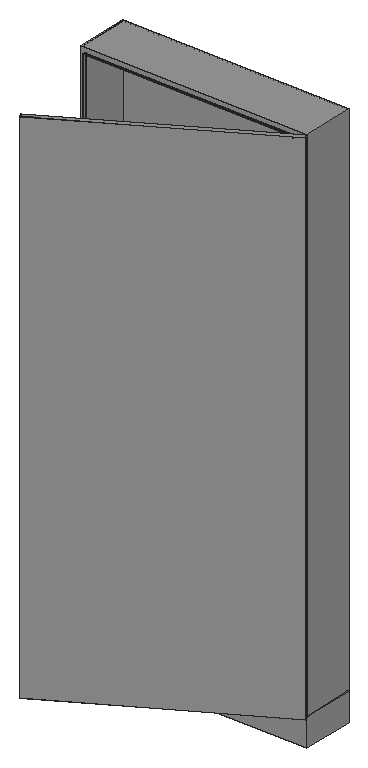
Revit family "Hager-Univers-IP44-D205-H1950-Cl.I-Encl-NoHosted-SE-en", category Equipement électrique, Revit 2020
Family settings
  Configuration du panneau = Deux colonnes, circuits au sein
  Cote de connecteur circulaire = Utiliser le diamètre
  Type d'élément = Tableau de raccordement
  Basée sur le plan de construction = Oui
  Toujours verticalement = Oui
  Couper avec des vides une fois chargée = Non
  Partagée = Non
  Point de calcul de pièce = Non
Parameters (values of type "Floor installation IP44 W800 H1950 D205  - FP23TN2")
  Width Control [instance] = if([EF000008 - Width] > Min Width, [EF000008 - Width], Min Width)  # 800 mm
  Commentaires du type = [HG000003 - Range]  # "Univers"
  Thickness Door [instance] = if([EF009171 - Material plate thickness door/cover] > 3 mm, 3 mm, [EF009171 - Material plate thickness door/cover])  # 1 mm
  Seal Frame Offset [instance] = 17 mm  # constant formula
  Plinth Visibility [instance] = [HG000027 - Plinth height] > 0 mm  # yes
  Min Width [instance] = 100 mm  # constant formula
  Min Depth [instance] = (2 * [EF009170 - Material plate thickness cabinet]) + 1 mm  # 3 mm
  Min Height [instance] = 100 mm  # constant formula
  Internal Frame Depth [instance] = (Door System Depth * 0.5)  # 9 mm
  Panel Name [instance] = ""  # (empty or 0)
  Model = ""
  HG000027 - Plinth height = 100 mm
  HG000026 - Floor standing = yes
  HG000024 - Bottom section height = 600 mm
  HG000023 - Double section enclosure = no
  HG000016 - Door 3d visibility [instance] = yes
  HG000015 - Clearance visibility [instance] = no
  HG000014 - Door on the right [instance] = yes
  HG000013 - Door on the left [instance] = not([HG000014 - Door on the right])  # no
  HG000012 - Door swing angle [instance] = 30.00°
  HG000010 - Asymmetric doors = no
  HG000009 - Double swing door = no
  HG000006 - Flush mounted = no
  HG000004 - Manufacturer reference = "FP23TN2"
  HG000003 - Range = "Univers"
  HG000002 - With door or cover = yes
  Frame Offset Bottom [instance] = 10 mm  # constant formula
  Frame Offset [instance] = 15 mm  # constant formula
  EF015940 - Cover with overpressure release = no
  EF011959 - Degree of protection (NEMA) = ""
  EF009554 - Number of openings for flange plates = 6
  EF009212 - Cover model = "EV000116 - Closed"
  EF009171 - Material plate thickness door/cover = 1 mm
  EF009170 - Material plate thickness cabinet = 1 mm
  EF008873 - Nominal current (In) = 400 A
  EF007800 - Suitable for lightning protection = no
  EF006306 - With lock = no
  EF006244 - Transparent cover/door = no
  EF005474 - Degree of protection (IP) = "EV006418 - IP44"
  EF004464 - Type of door = "EV002646 - Single"
  EF004427 - Number of modules = 432
  EF004293 - Impact strength = "EV006815 - IK09"
  EF003532 - Suitable for outdoor use = no
  EF002950 - Width in number of modular spacings = 36
  EF001613 - Circuit integrity = "EV000494 - None"
  EF001596 - Material housing = "EV000179 - Steel"
  EF001131 - Internal depth = 205 mm
  EF001088 - Extension possible = yes
  EF000437 - Number of conduit inlets = 6
  EF000339 - Type of cover = "EV001012 - Cover"
  EF000266 - Number of rows = 12
  EF000218 - Built-in depth = 0 mm
  EF000118 - With mounting plate = no
  EF000116 - RAL-number = "9010"
  EF000049 - Depth = 205 mm
  EF000040 - Height = 1950 mm
  EF000008 - Width = 800 mm
  EF000007 - Colour = "EV000202 - White"
  EF000003 - Mounting method = "EV012274 - Floor installation"
  Door System Leaf Tolerance [instance] = 1.5 mm  # constant formula
  Door System Depth [instance] = 18 mm  # constant formula
  Door Height [instance] = Height Control - [HG000027 - Plinth height]  # 1850 mm
  Description = ""
  Default Elevation = 1219.2 mm
  Connector Offset [instance] = Height Control / 2  # 975 mm
  Fabricant = "Hager"  # constant formula
  Height Control [instance] = if([EF000040 - Height] > Min Height, [EF000040 - Height], Min Height)  # 1950 mm
  Depth Control [instance] = if([EF000049 - Depth] > Min Depth, [EF000049 - Depth], Min Depth)  # 205 mm
  Bottom Top Plate Trim [instance] = 1.5 mm  # constant formula
  Plinth height Ctrl [instance] = if([HG000027 - Plinth height] > 0 mm, [HG000027 - Plinth height], 12 mm)  # 100 mm
Types (4, lengths in mm): name | Width Control | HG000009 - Double swing door | HG000004 - Manufacturer reference | EF009554 - Number of openings for flange plates | EF008873 - Nominal current (In) | EF004464 - Type of door | EF004427 - Number of modules | EF002950 - Width in number of modular spacings | EF000437 - Number of conduit inlets | EF000008 - Width
  Floor installation IP44 W1050 H1950 D205  - FP24TN2 | 1050 | yes | "FP24TN2" | 8 | 400 A | "EV003602 - Double" | 576 | 48 | 8 | 1050
  Floor installation IP44 W300 H1950 D205  - FP21TN2 | 300 | no | "FP21TN2" | 2 | 250 A | "EV002646 - Single" | 144 | 12 | 2 | 300
  Floor installation IP44 W550 H1950 D205  - FP22TN2 | 550 | no | "FP22TN2" | 4 | 400 A | "EV002646 - Single" | 288 | 24 | 4 | 550
  Floor installation IP44 W800 H1950 D205  - FP23TN2 | 800 | no | "FP23TN2" | 6 | 400 A | "EV002646 - Single" | 432 | 36 | 6 | 800
Reference planes
  plane 1 "Center (Front/Back)": y = 0
  plane 2: z = 0
  plane 3 "Center (Left/Right)": x = 0
  plane 4: y = 0
  plane 5: y = 0
  plane 6: z = 0
  plane 7: x = -400
  plane 8: x = 400
  plane 9: x = 399
  plane 10: x = -399
  plane 11: z = 100
  plane 12: z = 101
  plane 13: y = -205
  plane 14: y = -1
  plane 15: x = 0
  plane 16: y = -187
  plane 17: y = -204
  plane 18: y = -186
  plane 19: x = -384
  plane 20: x = 384
  plane 21: z = 111
  plane 22: x = -383
  plane 23: x = 383
  plane 24: z = 100
  plane 25: z = 1950
  plane 26: z = 1950
  plane 27: z = 1934
  plane 28: z = 1949
Forms (mm)
  Extrusion 1, solid, material "Hager_Steel_RAL7035_Light_Grey", detail levels medium+fine
    sketch origin (-208.679, -4572, 100) x (-1, 0, 0) y (0, -1, 0)
      loop
        line (191.321, -4385) -> (-608.679, -4385) -> (-608.679, -4572) -> (191.321, -4572) -> (191.321, -4385)
    from 0 to 1850
  Extrusion 2, void
    sketch origin (-350.771, -205, 1219.2) x (1, 0, 0) y (0, 0, 1)
      loop
        line (-48.229, 729.8) -> (-48.229, -1118.2) -> (749.771, -1118.2) -> (749.771, 729.8) -> (-48.229, 729.8)
    from -19 to -204
  Extrusion 3, void
    sketch origin (-290.084, -187, 1219.2) x (1, 0, 0) y (0, 0, 1)
      loop
        line (-93.916, -1108.2) -> (674.084, -1108.2) -> (674.084, 714.8) -> (-93.916, 714.8) -> (-93.916, -1108.2)
    from 0 to -1
  Extrusion 4, solid, material "Hager_Steel_RAL7035_Light_Grey", visible <- "Plinth Visibility", detail levels medium+fine
    sketch origin (0, 0, 0) x (1, 0, 0) y (0, 1, 0)
      loop
        line (-400, 0) -> (-400, -187) -> (400, -187) -> (400, 0) -> (-400, 0)
    from 0 to 100 <- "Plinth height Ctrl"
  Extrusion 5, solid, material "Hager_Steel_RAL7035_Light_Grey", detail levels coarse
    sketch origin (0, 0, 0) x (1, 0, 0) y (0, 1, 0)
      loop
        line (-400, 0) -> (-400, -205) -> (400, -205) -> (400, 0) -> (-400, 0)
    from 0 to 1950 <- "Height Control"
  Sweep 6, void
    path in 3D
      loop
        line (-400, -187, 100) -> (400, -187, 100) -> (400, 0, 100) -> (-400, 0, 100) -> (-400, -187, 100)
    profile origin (-400, -93.5, 100) x (1, 0, 0) y (0, 0, 1)
      loop
        line (0, 0) -> (0, -1.5) -> (1.5, -1.5)
        arc (1.5, -1.5) -> (1.061, -0.439) -> (0, 0) r 1.5
  Extrusion 7, solid, material "Hager_Steel_RAL7035_Light_Grey", detail levels fine
    sketch origin (-400, -187, 100) x (1, 0, 0) y (0, 0, 1)
      loop
        line (16, 11) -> (784, 11) -> (784, 1834) -> (16, 1834) -> (16, 11)
      loop
        line (15, 10) -> (785, 10) -> (785, 1835) -> (15, 1835) -> (15, 10)
    from 0 to 9 <- "Internal Frame Depth"
Cuts and joins
  Extrusion 2, Extrusion 3 cuts Extrusion 1
  Sweep 6 cuts Extrusion 4
Lines and regions (mm)
  Masking region 1
    outline origin (0, 0, 0) x (1, 0, 0) y (0, 1, 0)
      loop
        line (-400, 0) -> (-400, -205) -> (400, -205) -> (400, 0) -> (-400, 0)
  Masking region 2, detail levels coarse
    outline origin (-290.084, -187, 1219.2) x (-1, 0, 0) y (0, 0, 1)
      loop
        line (-690.084, -1219.2) -> (109.916, -1219.2) -> (109.916, 730.8) -> (-690.084, 730.8) -> (-690.084, -1219.2)
  Masking region 3, detail levels coarse
    outline origin (0, 0, 0) x (0, 1, 0) y (0, 0, 1)
      loop
        line (0, 0) -> (0, 1950) -> (-205, 1950) -> (-205, 0) -> (0, 0)
  Masking region 4, visible <- "Plinth Visibility", detail levels medium+fine
    outline origin (0, 0, 0) x (0, 1, 0) y (0, 0, 1)
      loop
        line (-1.5, 100) -> (-185.5, 100)
        arc (-185.5, 100) -> (-185.939, 98.939) -> (-187, 98.5) r 1.5
        line (-187, 98.5) -> (-187, 0) -> (0, 0) -> (0, 98.5)
        arc (0, 98.5) -> (-1.061, 98.939) -> (-1.5, 100) r 1.5
  Masking region 5, detail levels medium+fine
    outline origin (0, 0, 594.038) x (0, 1, 0) y (0, 0, 1)
      loop
        line (0, -494.038) -> (0, 1355.962) -> (-187, 1355.962) -> (-187, -494.038) -> (0, -494.038)
  Masking region 6, detail levels medium+fine
    outline origin (-359.7, -187, 1211.883) x (-1, 0, 0) y (0, 0, 1)
      loop
        line (-759.7, -1111.883) -> (40.3, -1111.883) -> (40.3, 738.117) -> (-759.7, 738.117) -> (-759.7, -1111.883)
  Masking region 7, visible <- "Plinth Visibility", detail levels medium+fine
    outline origin (-320.334, -187, 1041.368) x (-1, 0, 0) y (0, 0, 1)
      loop
        line (-720.334, -1041.368) -> (79.666, -1041.368) -> (79.666, -942.868)
        arc (79.666, -942.868) -> (78.606, -942.429) -> (78.166, -941.368) r 1.5
        line (78.166, -941.368) -> (-718.834, -941.368)
        arc (-718.834, -941.368) -> (-719.273, -942.429) -> (-720.334, -942.868) r 1.5
        line (-720.334, -942.868) -> (-720.334, -1041.368)
  sketch lines
    curve 1: line (-400, 0, 100) -> (-400, -187, 100)
    curve 2: line (-400, -187, 100) -> (400, -187, 100)
    curve 3: line (400, 0, 100) -> (-400, 0, 100)
    curve 4: line (400, -187, 100) -> (400, 0, 100)
Dimensions and locks
  locked: plane 1 "Center (Front/Back)" to plane 5
  "EF009170 - Material plate thickness cabinet": plane 7 to plane 10
  "EF009170 - Material plate thickness cabinet": plane 8 to plane 9
  equal spacing: plane 7, plane 3 "Center (Left/Right)", plane 8
  "Width Control": plane 7 to plane 8
  "Depth Control": plane 4 to plane 13
  "EF009170 - Material plate thickness cabinet": plane 4 to plane 14
  "Height Control": plane 25 to level
  "HG000027 - Plinth height": plane 11 to level
  "EF009170 - Material plate thickness cabinet": plane 12 to plane 11
  "EF009170 - Material plate thickness cabinet": plane 17 to plane 13
  "EF009170 - Material plate thickness cabinet": plane 18 to plane 16
  "Frame Offset Bottom": plane 21 to plane 12
  "Frame Offset": plane 10 to plane 19
  "Frame Offset": plane 9 to plane 20
  "Door System Depth": plane 16 to plane 13
  "Seal Frame Offset": plane 7 to plane 22
  "Seal Frame Offset": plane 8 to plane 23
  "EF009170 - Material plate thickness cabinet": plane 26 to plane 28
  "Frame Offset": plane 28 to plane 27
  "Connector Offset": plane 2 to connector elem
  "Bottom Top Plate Trim": profile plane to Sweep 6 sketch curve
  "Bottom Top Plate Trim": Sweep 6 sketch curve to Sweep 6 sketch curve
  "Plinth height Ctrl": Masking region 4 sketch curve to level
  "Plinth height Ctrl": Masking region 7 sketch curve to level
  "Thickness Door": Extrusion 7 sketch curve to Extrusion 7 sketch curve  (x4)
  "Bottom Top Plate Trim": radius of Sweep 6 sketch curve
  "Bottom Top Plate Trim": radius of Masking region 4 sketch curve  (x2)
  "Bottom Top Plate Trim": radius of Masking region 7 sketch curve  (x2)
  aligned and locked: Extrusion 2 sketch curve to plane 12
  aligned and locked: Extrusion 2 sketch curve to plane 9
  aligned and locked: Extrusion 2 sketch curve to plane 10
  aligned and locked: Extrusion 2 to plane 14
  aligned and locked: Extrusion 1 sketch curve to plane 4
  aligned and locked: plane 8 to Extrusion 1 sketch curve
  aligned and locked: plane 7 to Extrusion 1 sketch curve
  aligned and locked: Extrusion 2 to plane 18
  aligned and locked: Extrusion 3 sketch curve to plane 19
  aligned and locked: plane 20 to Extrusion 3 sketch curve
  aligned and locked: Extrusion 3 to Extrusion 2
  aligned and locked: Extrusion 3 sketch curve to plane 21
  aligned and locked: plane 3 "Center (Left/Right)" to nested 1
  aligned and locked: Extrusion 1 sketch curve to plane 16
  aligned and locked: Extrusion 4 sketch curve to cut or joined group of Extrusion 1, Extrusion 2, Extrusion 3
  aligned and locked: Masking region 1 sketch curve to plane 7
  aligned and locked: Masking region 1 sketch curve to plane 5
  aligned and locked: Masking region 1 sketch curve to plane 8
  aligned and locked: Masking region 2 sketch curve to level
  aligned and locked: level to Masking region 3 sketch curve
  aligned and locked: plane 1 "Center (Front/Back)" to Masking region 3 sketch curve
  aligned and locked: plane 13 to Masking region 3 sketch curve
  aligned and locked: plane 5 to Masking region 4 sketch curve
  aligned and locked: Masking region 2 sketch curve to plane 8
  aligned and locked: Masking region 2 sketch curve to plane 7
  aligned and locked: plane 7 to nested 2
  aligned and locked: nested 2 to plane 5
  aligned and locked: plane 5 to Masking region 5 sketch curve
  aligned and locked: plane 26 to Masking region 5 sketch curve
  aligned and locked: Extrusion 5 sketch curve to plane 8
  aligned and locked: Extrusion 5 sketch curve to plane 7
  aligned and locked: Extrusion 5 sketch curve to plane 5
  aligned and locked: Extrusion 3 sketch curve to plane 27
  aligned and locked: Extrusion 2 sketch curve to plane 28
  aligned and locked: Masking region 2 to plane 25
  aligned and locked: Extrusion 4 to plane 16
  aligned and locked: profile plane to Sweep 6 sketch curve
  aligned and locked: Masking region 5 sketch curve to plane 24
  aligned and locked: level to Masking region 4 sketch curve
  aligned and locked: Masking region 1 to plane 13
  aligned and locked: nested 1 to plane 16
  aligned and locked: Masking region 3 to plane 25
  aligned and locked: plane 16 to Masking region 4 sketch curve
  aligned and locked: Masking region 5 sketch curve to plane 16
  aligned and locked: plane 24 to plane 11
  aligned and locked: plane 26 to plane 25
  aligned and locked: plane 26 to cut or joined group of Extrusion 1, Extrusion 2, Extrusion 3
  aligned and locked: nested 1 to plane 24
  aligned and locked: Extrusion 1 to Extrusion 3
  aligned and locked: Masking region 6 sketch curve to plane 8
  aligned and locked: Masking region 6 sketch curve to plane 24
  aligned and locked: Masking region 6 sketch curve to plane 7
  aligned and locked: Masking region 6 sketch curve to plane 26
  aligned and locked: Masking region 7 sketch curve to plane 7
  aligned and locked: level to Masking region 7 sketch curve
  aligned and locked: Masking region 7 sketch curve to plane 8
  aligned and locked: Extrusion 7 sketch curve to cut or joined group of Extrusion 1, Extrusion 2, Extrusion 3  (x4)
Automatic sketch dimensions
  plane 19 to Extrusion 3 sketch curve = 0 mm
  Extrusion 3 sketch curve to plane 20 = 0 mm
  Extrusion 3 sketch curve to plane 21 = 0 mm
  Extrusion 4 sketch curve to plane 7 = 0 mm
  Extrusion 4 sketch curve to plane 8 = 0 mm
  Extrusion 4 sketch curve to plane 16 = 0 mm
  Masking region 1 sketch curve to plane 13 = 0 mm
  Masking region 2 sketch curve to plane 25 = 0 mm
  Masking region 3 sketch curve to plane 25 = 0 mm
  Extrusion 5 sketch curve to plane 13 = 0 mm
  profile plane to Sweep 6 sketch curve = 0 mm
Nested families
  nested 1: "EC000058_Univers_Door" at (0, -187, 100), Double <- "HG000009 - Double swing door", Transparent <- "EF006244 - Transparent cover/door", Angle <- "HG000012 - Door swing angle", Door_Right <- "HG000014 - Door on the right", Assymetrical <- "HG000010 - Asymmetric doors", Door <- "HG000002 - With door or cover", Width_Ctrl <- "Width Control", 3d_Door <- "HG000016 - Door 3d visibility", Clearance <- "HG000015 - Clearance visibility", Door_Left <- "HG000013 - Door on the left", Width <- "Width Control", Door_Depth <- "Door System Depth", Leaf_Tolerance <- "Door System Leaf Tolerance", Height <- "Door Height", Lock_Visibility <- "EF006306 - With lock", Thickness <- "Thickness Door", type "EC000058_Univers_Door", detail levels medium+fine
    with min_wh 3 mm, Width_Ctrl 800 mm, Width 800 mm, Transparent no, Thickness 1 mm, Seal_Material Hager_Rubber, Lock_Visibility no, Lock_Material Hager_Plastic_RAL9005_Jet_Black, Leaf_Width 800 mm, Leaf_Tolerance_External_Sides 0 mm, Leaf_Tolerance 1.5 mm, Leaf_Offset 0 mm, Leaf_Height 1847 mm, Leaf_2_Width 800 mm, Leaf_2_Offset 400 mm, Leaf_1_Width 800 mm, Leaf_1_Offset 400 mm, Height_Ctrl 1850 mm, Height 1850 mm, Glass_Material Hager_Glass, Double_Clearance_Ctrl no, Double no, Door_Right_Ctrl yes, Door_Right yes, Door_Material Hager_Steel_RAL7035_Light_Grey, Door_Left_Ctrl no, Door_Left no, Door_Depth 18 mm, Door yes, Clearance_Material Hager_Clearance, Clearance_Depth 800 mm, Clearance_Ctrl no, Clearance no, Assymetrical no, Angle 30.00°, 3d_Door yes
  nested 2: "Hager_Enclosure_Symbol" at (-400, 0, 0), Height <- "Depth Control", Width <- "Width Control", type "Hager_Enclosure_Symbol"
    with Width_Ctrl 800 mm, Width 800 mm, Height_Ctrl 205 mm, Height 205 mm, A_Width_Int 13.453 mm, A_Width 161.438 mm, A_Height_Ctrl 179.375 mm, A_Height 179.375 mm
Connectors
  electrical at (0, 0, 975)
    settings: on plane 1 "Center (Front/Back)", index 1, voltage 0 V, apparent load 0 VA, apparent load phase1 0 VA, apparent load phase2 0 VA, apparent load phase3 0 VA, power factor 1, load classification "Other", number of poles 1, system type 30, power factor state 1, is connector primary yes, connector utility no, sub classification motor no, connector description ""
Definition of nested family "EC000058_Univers_Door"
  Parameters (values of type "EC000058_Univers_Door")
    min_wh [instance] = (2 * Thickness) + 1 mm  # 11 mm
    Width_Ctrl [instance] = 400 mm
    Width [instance] = 500 mm
    Transparent [instance] = yes
    Thickness [instance] = 5 mm
    Seal_Material [instance] = none
    Lock_Visibility [instance] = yes
    Lock_Material [instance] = none
    Leaf_Width [instance] = if((Width_Ctrl - 2 * Leaf_Tolerance_External_Sides) > 0 mm, (Width_Ctrl - 2 * Leaf_Tolerance_External_Sides), min_wh)  # 400 mm
    Leaf_Tolerance_External_Sides [instance] = 0 mm  # constant formula
    Leaf_Tolerance [instance] = 1.5 mm
    Leaf_Offset [instance] = 0 mm  # constant formula
    Leaf_Height [instance] = if((Height_Ctrl - 2 * Leaf_Tolerance) > 0 mm, (Height_Ctrl - 2 * Leaf_Tolerance), min_wh)  # 497 mm
    Leaf_2_Width [instance] = if(and(and(Double, Assymetrical), Door_Left), (Leaf_Width / 3) - (Leaf_Tolerance / 2), if(and(and(Double, Assymetrical), Door_Right), (Leaf_Width / 3) * 2 - (Leaf_Tolerance / 2), if(and(Double, not(Assymetrical)), (Leaf_Width / 2) - Leaf_Tolerance, Leaf_Width)))  # 400 mm
    Leaf_2_Offset [instance] = if(and(Double, Assymetrical), Leaf_2_Width / 2, if(and(Double, not(Assymetrical)), Leaf_Width / 4, Leaf_Width / 2))  # 200 mm
    Leaf_1_Width [instance] = if(and(and(Double, Assymetrical), Door_Right), (Leaf_Width / 3) - (Leaf_Tolerance / 2), if(and(and(Double, Assymetrical), Door_Left), (Width / 3) * 2 - (Leaf_Tolerance / 2), if(and(Double, not(Assymetrical)), (Leaf_Width / 2) - Leaf_Tolerance, Leaf_Width)))  # 400 mm
    Leaf_1_Offset [instance] = if(and(Double, Assymetrical), Leaf_1_Width / 2, if(and(Double, not(Assymetrical)), Leaf_Width / 4, Leaf_Width / 2))  # 200 mm
    Height_Ctrl [instance] = if(Height > min_wh, Height, min_wh)  # 500 mm
    Height [instance] = 500 mm
    Glass_Material [instance] = none
    Double_Clearance_Ctrl [instance] = and(Double, Clearance)  # no
    Double [instance] = no
    Door_Right_Ctrl [instance] = and(or(Door_Right, Double), Door)  # yes
    Door_Right [instance] = yes
    Door_Material [instance] = none
    Door_Left_Ctrl [instance] = and(or(Door_Left, Double), Door)  # no
    Door_Left [instance] = no
    Door_Depth [instance] = 30 mm
    Door [instance] = yes
    Default Elevation = 1219.2 mm
    Clearance_Material [instance] = none
    Clearance_Depth [instance] = if(Leaf_1_Width > Leaf_2_Width, Leaf_1_Width, Leaf_2_Width)  # 400 mm
    Clearance_Ctrl [instance] = and(not(Double), Clearance)  # yes
    Clearance [instance] = yes
    Assymetrical [instance] = yes
    Angle [instance] = 30.00°
    3d_Door [instance] = yes
  Reference planes
    plane 1 "Center (Front/Back)": y = 0
    plane 2 "Bottom": z = 0
    plane 3 "Center (Left/Right)": x = 0
    plane 4: z = 500
    plane 5: x = -200
    plane 6: x = 200
    plane 7: z = 500
    plane 8: x = -200
    plane 9: z = 0
    plane 10: x = 200
    plane 11: y = 0
    plane 12: z = 1.5
    plane 13: x = -600
    plane 14: y = -400
    plane 15: x = 600
    plane 16: x = 0
    plane 17: x = 0
    plane 18: x = -200
    plane 19: x = 200
    plane 20: z = 498.5
  Forms (mm)
    Extrusion 1, solid, material <- "Clearance_Material", visible <- "Double_Clearance_Ctrl"
      sketch origin (1200, 0, 0) x (1, 0, 0) y (0, 0, -1)
        loop
          line (-1800, -498.5) -> (-600, -498.5) -> (-600, 0) -> (-1800, 0) -> (-1800, -498.5)
      from 0 to -400
  Dimensions and locks
    equal spacing: plane 5, plane 3 "Center (Left/Right)", plane 6
    "Width_Ctrl": plane 5 to plane 6
    "Leaf_Offset": plane 5 to plane 8
    "Leaf_Offset": plane 6 to plane 10
    "Leaf_Offset": plane 9 to level
    "Leaf_Offset": plane 4 to plane 7
    "Height_Ctrl": plane 4 to level
    "Leaf_Tolerance": plane 12 to plane 9
    locked: plane 11 to plane 1 "Center (Front/Back)"
    "Leaf_1_Offset": plane 18 to plane 16
    "Leaf_2_Offset": plane 17 to plane 19
    "Leaf_1_Width": plane 13 to plane 8
    "Leaf_2_Width": plane 10 to plane 15
    "Clearance_Depth": plane 14 to plane 1 "Center (Front/Back)"
    "Leaf_Tolerance_External_Sides": plane 8 to plane 18
    "Leaf_Tolerance_External_Sides": plane 19 to plane 10
    "Leaf_Tolerance": plane 7 to plane 20
    aligned and locked: level to plane 2 "Bottom"
    aligned and locked: nested 1 to plane 16
    aligned and locked: nested 2 to plane 17
    aligned and locked: Extrusion 1 to plane 13
    aligned and locked: plane 15 to Extrusion 1
    aligned and locked: Extrusion 1 to plane 14
    aligned and locked: plane 12 to nested 1
    aligned and locked: nested 2 to plane 12
    aligned and locked: Extrusion 1 to plane 11
    aligned and locked: plane 20 to Extrusion 1
    aligned and locked: nested 2 to plane 11
    aligned and locked: nested 1 to plane 11
  Automatic sketch dimensions
    Extrusion 1 sketch curve to level = 0 mm
    plane 5 to Extrusion 1 sketch curve = 400 mm
    plane 6 to Extrusion 1 sketch curve = 400 mm
    Extrusion 1 sketch curve to plane 4 = 1.5 mm
  Nested families
    nested 1: "EC000058_Univers_Door_Leaf" at (0, 0, 1.5), Width <- "Leaf_1_Width", visible <- "Door_Left_Ctrl", Leaf_Height <- "Leaf_Height", Angle <- "Angle", 3d_Door <- "3d_Door", Transparent <- "Transparent", Clearance Material <- "Clearance_Material", Clearance <- "Clearance_Ctrl", Door_Material <- "Door_Material", Glass_Material <- "Glass_Material", Door_Depth <- "Door_Depth", Lock_Material <- "Lock_Material", Seal_Material <- "Seal_Material", Lock_Visibility <- "Lock_Visibility", Thickness <- "Thickness", type "EC000058_Univers_Door_Leaf"
      with Width 400 mm, Transparent_Glass_Offset 30 mm, Transparent_Ctrl yes, Transparent yes, Thickness 5 mm, Standard no, Seal_Material none, Seal_D2 8 mm, Seal_D1 1 mm, Offset_Internal_Frame 10 mm, Lock_Width 20 mm, Lock_Visibility_3d yes, Lock_Visibility yes, Lock_Thickness_3 3 mm, Lock_Thickness_2 1 mm, Lock_Thickness_1 3 mm, Lock_Radius_Offset_2 16 mm, Lock_Radius_Offset_1 15 mm, Lock_Radius_2 5 mm, Lock_Radius 6 mm, Lock_Offset 5 mm, Lock_Material none, Lock_Height 80 mm, Lock_Cover_Top_Offset_2d 17 mm, Lock_Cover_Height -65 mm, Leaf_Height 497 mm, Internal_Seal_Thickness 8 mm, Internal_Seal_Depth_2 4.5 mm, Internal_Frame_Depth 25 mm, Glass_Thickness -1 mm, Glass_Offset -2 mm, Glass_Material none, Door_Material none, Door_Depth 30 mm, Clearance Material none, Clearance yes, Angle_Ctrl 30.00°, Angle 30.00°, 3d_Door yes
    nested 2: "EC000058_Univers_Door_Leaf" at (0, 0, 1.5) x (-1, 0, 0) z (0, 0, 1), Width <- "Leaf_2_Width", visible <- "Door_Right_Ctrl", Leaf_Height <- "Leaf_Height", Angle <- "Angle", 3d_Door <- "3d_Door", Transparent <- "Transparent", Clearance Material <- "Clearance_Material", Clearance <- "Clearance_Ctrl", Door_Material <- "Door_Material", Glass_Material <- "Glass_Material", Door_Depth <- "Door_Depth", Lock_Material <- "Lock_Material", Seal_Material <- "Seal_Material", Lock_Visibility <- "Lock_Visibility", Thickness <- "Thickness", type "EC000058_Univers_Door_Leaf"
      with Width 400 mm, Transparent_Glass_Offset 30 mm, Transparent_Ctrl yes, Transparent yes, Thickness 5 mm, Standard no, Seal_Material none, Seal_D2 8 mm, Seal_D1 1 mm, Offset_Internal_Frame 10 mm, Lock_Width 20 mm, Lock_Visibility_3d yes, Lock_Visibility yes, Lock_Thickness_3 3 mm, Lock_Thickness_2 1 mm, Lock_Thickness_1 3 mm, Lock_Radius_Offset_2 16 mm, Lock_Radius_Offset_1 15 mm, Lock_Radius_2 5 mm, Lock_Radius 6 mm, Lock_Offset 5 mm, Lock_Material none, Lock_Height 80 mm, Lock_Cover_Top_Offset_2d 17 mm, Lock_Cover_Height -65 mm, Leaf_Height 497 mm, Internal_Seal_Thickness 8 mm, Internal_Seal_Depth_2 4.5 mm, Internal_Frame_Depth 25 mm, Glass_Thickness -1 mm, Glass_Offset -2 mm, Glass_Material none, Door_Material none, Door_Depth 30 mm, Clearance Material none, Clearance yes, Angle_Ctrl 30.00°, Angle 30.00°, 3d_Door yes
  Definition of nested family "EC000058_Univers_Door_Leaf"
    Parameters (values of type "EC000058_Univers_Door_Leaf")
      Width [instance] = 2000 mm
      Transparent_Glass_Offset [instance] = 30 mm
      Transparent_Ctrl [instance] = and(Transparent, [3d_Door])  # yes
      Transparent [instance] = yes
      Thickness [instance] = 5 mm
      Standard [instance] = and(not(Transparent), [3d_Door])  # no
      Seal_Material [instance] = none
      Seal_D2 [instance] = 8 mm  # constant formula
      Seal_D1 [instance] = 1 mm  # constant formula
      Offset_Internal_Frame [instance] = 10 mm  # constant formula
      Lock_Width [instance] = 20 mm  # constant formula
      Lock_Visibility_3d [instance] = and(Lock_Visibility, [3d_Door])  # yes
      Lock_Visibility [instance] = yes
      Lock_Thickness_3 [instance] = 3 mm  # constant formula
      Lock_Thickness_2 [instance] = 1 mm  # constant formula
      Lock_Thickness_1 [instance] = 3 mm  # constant formula
      Lock_Radius_Offset_2 [instance] = Lock_Radius_Offset_1 + 1 mm  # 16 mm
      Lock_Radius_Offset_1 [instance] = 15 mm  # constant formula
      Lock_Radius_2 [instance] = Lock_Radius - 1 mm  # 5 mm
      Lock_Radius [instance] = 6 mm  # constant formula
      Lock_Offset [instance] = 5 mm  # constant formula
      Lock_Material [instance] = none
      Lock_Height [instance] = 80 mm  # constant formula
      Lock_Cover_Top_Offset_2d [instance] = Lock_Radius_Offset_2 + 1 mm  # 17 mm
      Lock_Cover_Height [instance] = -(Lock_Height - Lock_Radius_Offset_1)  # -65 mm
      Leaf_Height [instance] = 2720.336 mm
      Internal_Seal_Thickness [instance] = 8 mm  # constant formula
      Internal_Seal_Depth_2 [instance] = 4.5 mm  # constant formula
      Internal_Frame_Depth [instance] = if(Door_Depth - Thickness > 5 mm, Door_Depth - Thickness, 5 mm)  # 25 mm
      Glass_Thickness [instance] = if(Thickness > 15 mm, Glass_Offset + 10 mm, -1 mm)  # -1 mm
      Glass_Offset [instance] = if(Thickness > 15 mm, -(Thickness + 10 mm) / 2, -2 mm)  # -2 mm
      Glass_Material [instance] = none
      Door_Material [instance] = none
      Door_Depth [instance] = 30 mm
      Default Elevation = 0 mm
      Clearance Material [instance] = none
      Clearance [instance] = yes
      Angle_Ctrl [instance] = if(Angle > 180.00°, 180.00°, Angle)  # 90.00°
      Angle [instance] = 90.00°
      3d_Door [instance] = yes
    Reference planes
      plane 1 "Center (Front/Back)": y = 0
      plane 2: z = 0
      plane 3 "Center (Left/Right)": x = 0
      plane 4: y = 2000
      plane 5: x = -1000
      plane 6: x = 1000
      plane 7: x = -3000
      plane 8: z = 2720.336
      plane 9: z = 30
      plane 10: z = 2690.336
      plane 11: x = 970
      plane 12: x = -970
      plane 13: y = -3
      plane 14: z = 107.833
      plane 15: y = -5
      plane 16: y = -223.314
      plane 17: x = -1000
      plane 18: z = 1360.168
      plane 19: y = 30
    Forms (mm)
      Extrusion 1, solid, material <- "Clearance Material", visible <- "Clearance"
        sketch origin (0, 0, 0) x (1, 0, 0) y (0, 0, 1)
          loop
            line (-3000, 2720.336) -> (-3000, 0) -> (1000, 0) -> (1000, 2720.336) -> (-3000, 2720.336)
        from 0 to -2000
      Extrusion 2, solid, material <- "Door_Material", visible <- "Standard", detail levels medium+fine
        sketch origin (-1000, 0, 0) x (0, 1, 0) y (-1, 0, 0)
          loop
            line (0, 30) -> (0, 25) -> (2000, 25) -> (2000, 30) -> (0, 30)
        from 0 to 2720.336 <- "Leaf_Height"
      Extrusion 3, solid, material <- "Door_Material", visible <- "Transparent_Ctrl", detail levels medium+fine
        sketch origin (-1000, 0, 0) x (0, 1, 0) y (-1, 0, 0)
          loop
            line (0, 25) -> (2000, 25) -> (2000, 30) -> (0, 30) -> (0, 25)
        from 0 to 2720.336 <- "Leaf_Height"
      Extrusion 4, void
        sketch origin (-1025, 2000, 0) x (0, 1, 0) y (0, 0, -1)
          loop
            line (-30, -2690.336) -> (-30, -30) -> (-1970, -30) -> (-1970, -2690.336) -> (-30, -2690.336)
        from 0 to 5 <- "Thickness"
      Sweep 5, solid, material <- "Seal_Material", visible <- "Transparent_Ctrl", detail levels fine
        path in 3D
          loop
            line (-1025, 30, 30) -> (-1025, 30, 2690.336) -> (-1025, 1970, 2690.336) -> (-1025, 1970, 30) -> (-1025, 30, 30)
        profile origin (-1025, 1000, 30) x (1, 0, 0) y (0, 0, 1)
          loop
            line (0, 0) -> (0, -8) -> (1, -8) -> (1, 0) -> (0, 0)
      Extrusion 6, solid, material <- "Glass_Material", visible <- "Transparent_Ctrl", detail levels medium+fine
        sketch origin (-1030, 0, 0) x (0, 1, 0) y (0, 0, -1)
          loop
            line (1970, -2690.336) -> (1970, -30) -> (30, -30) -> (30, -2690.336) -> (1970, -2690.336)
        from -2 <- "Glass_Offset" to -1 <- "Glass_Thickness"
      Extrusion 7, solid, material <- "Door_Material", visible <- "3d_Door", detail levels medium+fine
        sketch origin (-1025, 2000, 0) x (0, -1, 0) y (0, 0, -1)
          loop
            line (0, -2720.336) -> (2000, -2720.336) -> (2000, 0) -> (0, 0) -> (0, -2720.336)
          loop
            line (1995, -5) -> (5, -5) -> (5, -2715.336) -> (1995, -2715.336) -> (1995, -5)
        from 0 to 25 <- "Internal_Frame_Depth"
      Sweep 8, solid, material <- "Seal_Material", visible <- "Transparent_Ctrl", detail levels fine
        path in 3D
          loop
            line (-1025, 0, 0) -> (-1025, 2000, 0) -> (-1025, 2000, 2720.336) -> (-1025, 0, 2720.336) -> (-1025, 0, 0)
        profile origin (-1025, 0, 1360.168) x (1, 0, 0) y (0, 1, 0)
          loop
            line (0, 10) -> (2.975, 10)
            arc (2.975, 10) -> (4.053, 10.447) -> (4.5, 11.525) r 1.525
            line (4.5, 11.525) -> (4.5, 16.527)
            arc (4.5, 16.527) -> (4.069, 17.569) -> (3.027, 18) r 1.473
            line (3.027, 18) -> (0, 18) -> (0, 10)
      Extrusion 9, solid, material <- "Lock_Material", visible <- "Lock_Visibility_3d", detail levels fine
        sketch origin (-1030, 0, 0) x (0, 1, 0) y (0, 0, -1)
          loop
            arc (1993.5, -1400.168) -> (1994.561, -1399.729) -> (1995, -1398.668) r 1.5
            line (1995, -1398.668) -> (1995, -1320.168) -> (1975, -1320.168) -> (1975, -1398.668)
            arc (1975, -1398.668) -> (1975.439, -1399.729) -> (1976.5, -1400.168) r 1.5
            line (1976.5, -1400.168) -> (1993.5, -1400.168)
        from 3 <- "Lock_Thickness_1" to 0
      Blend 10, solid, material <- "Lock_Material", visible <- "Lock_Visibility_3d", detail levels fine
        base sketch origin (-1033, 0, 0) x (0, 1, 0) y (0, 0, -1)
          loop
            line (1975, -1320.168) -> (1975, -1398.668)
            arc (1975, -1398.668) -> (1975.439, -1399.729) -> (1976.5, -1400.168) r 1.5
            line (1976.5, -1400.168) -> (1993.5, -1400.168)
            arc (1993.5, -1400.168) -> (1994.561, -1399.729) -> (1995, -1398.668) r 1.5
            line (1995, -1398.668) -> (1995, -1320.168) -> (1975, -1320.168)
        top sketch origin (-1033, 0, 0) x (0, 1, 0) y (0, 0, -1)
          loop
            line (1976, -1320.168) -> (1976, -1398.668)
            arc (1976, -1398.668) -> (1976.146, -1399.022) -> (1976.5, -1399.168) r 0.5
            line (1976.5, -1399.168) -> (1993.5, -1399.168)
            arc (1993.5, -1399.168) -> (1993.854, -1399.022) -> (1994, -1398.668) r 0.5
            line (1994, -1398.668) -> (1994, -1320.168) -> (1976, -1320.168)
        from 0 to 1 <- "Lock_Thickness_2"
      Blend 11, solid, material <- "Lock_Material", visible <- "Lock_Visibility_3d", detail levels fine
        base sketch origin (-1034, 0, 0) x (0, 1, 0) y (0, 0, -1)
          loop
            line (1978, -1320.168) -> (1978, -1384.168)
            arc (1978, -1384.168) -> (1985, -1391.168) -> (1992, -1384.168) r 7
            line (1992, -1384.168) -> (1992, -1320.168) -> (1978, -1320.168)
        top sketch origin (-1034, 0, 0) x (0, 1, 0) y (0, 0, -1)
          loop
            line (1991, -1320.168) -> (1979, -1320.168) -> (1979, -1383.168)
            arc (1979, -1383.168) -> (1985, -1389.168) -> (1991, -1383.168) r 6
            line (1991, -1383.168) -> (1991, -1320.168)
        from 0 to 3 <- "Lock_Thickness_3"
      Extrusion 12, solid, material <- "Lock_Material", visible <- "Lock_Visibility_3d", detail levels fine
        sketch origin (-1030, 1975, 1320.168) x (1, 0, 0) y (0, -1, 0)
          loop
            line (-7, -19) -> (-7, -1) -> (0, -1) -> (0, 0) -> (-8, 0) -> (-8, -20) -> (0, -20) -> (0, -19) -> (-7, -19)
        from 0 to -65 <- "Lock_Cover_Height"
      Extrusion 13, void
        sketch origin (-1038, 1995, 1320.168) x (-1, 0, 0) y (0, 0, -1)
          loop
            line (-5, -65) -> (0, -65) -> (-5, -60) -> (-5, -65)
        from 0 to 20 <- "Lock_Width"
      Extrusion 14, void
        sketch origin (-1038, 1975, 1320.168) x (0, -1, 0) y (0, 0, -1)
          loop
            circle (-10, -15.995) r 6
          loop
            circle (-10, -15.995) r 5
        from 0 to 2
      Extrusion 15, solid, material <- "Lock_Material", visible <- "Lock_Visibility_3d", detail levels medium
        sketch origin (-1030, 0, 0) x (0, 1, 0) y (0, 0, -1)
          loop
            arc (1993.5, -1400.168) -> (1994.561, -1399.729) -> (1995, -1398.668) r 1.5
            line (1995, -1398.668) -> (1995, -1320.168) -> (1975, -1320.168) -> (1975, -1398.668)
            arc (1975, -1398.668) -> (1975.439, -1399.729) -> (1976.5, -1400.168) r 1.5
            line (1976.5, -1400.168) -> (1993.5, -1400.168)
        from 8 to 0
    Cuts and joins
      Extrusion 4 cuts Extrusion 3
      Extrusion 13, Extrusion 14 cuts Extrusion 9
      Extrusion 14 cuts Blend 11
      Extrusion 13, Extrusion 14 cuts Extrusion 12
      joined: Extrusion 9, Blend 10, Blend 11, Extrusion 12
      Extrusion 14 cuts Extrusion 15
    Lines and regions (mm)
      Masking region 1, visible <- "Lock_Visibility", detail levels fine
        outline origin (0, 0, 0) x (0, 1, 0) y (0, 0, 1)
          loop
            line (30, 1320.168) -> (33, 1320.168) -> (33, 1400.168) -> (30, 1400.168) -> (30, 1320.168)
      Masking region 2, visible <- "Lock_Visibility", detail levels fine
        outline origin (0, 3.143, 0) x (0, 1, 0) y (0, 0, 1)
          loop
            line (29.857, 1354.168) -> (30.857, 1354.168) -> (30.857, 1366.168) -> (29.857, 1366.168) -> (29.857, 1354.168)
      Masking region 3, detail levels medium+fine
        outline origin (0, 0, 0) x (0, 1, 0) y (0, 0, 1)
          loop
            line (0, 0) -> (30, 0) -> (30, 2720.336) -> (0, 2720.336) -> (0, 0)
      Masking region 4, detail levels medium+fine
        outline origin (0, 0, 0) x (1, 0, 0) y (0, 0, 1)
          loop
            line (-1000, 2720.336) -> (-1000, 0) -> (1000, 0) -> (1000, 2720.336) -> (-1000, 2720.336)
      Masking region 5, visible <- "Lock_Visibility", detail levels fine
        outline origin (-47.116, 0, 0) x (1, 0, 0) y (0, 0, 1)
          loop
            arc (1024.616, 1399.168) -> (1023.556, 1398.729) -> (1023.116, 1397.668) r 1.5
            line (1023.116, 1397.668) -> (1023.116, 1320.168) -> (1041.116, 1320.168) -> (1041.116, 1397.668)
            arc (1041.116, 1397.668) -> (1040.677, 1398.729) -> (1039.616, 1399.168) r 1.5
            line (1039.616, 1399.168) -> (1024.616, 1399.168)
      Masking region 6, visible <- "Lock_Visibility", detail levels medium+fine
        outline origin (-25, 0, 0) x (1, 0, 0) y (0, 0, 1)
          loop
            arc (1001.5, 1400.168) -> (1000.439, 1399.729) -> (1000, 1398.668) r 1.5
            line (1000, 1398.668) -> (1000, 1320.168) -> (1020, 1320.168) -> (1020, 1398.668)
            arc (1020, 1398.668) -> (1019.561, 1399.729) -> (1018.5, 1400.168) r 1.5
            line (1018.5, 1400.168) -> (1001.5, 1400.168)
      Masking region 7, visible <- "Lock_Visibility", detail levels fine
        outline origin (-73.735, 0, 0) x (1, 0, 0) y (0, 0, 1)
          loop
            line (1051.735, 1382.168) -> (1065.735, 1382.168) -> (1065.735, 1384.168)
            arc (1065.735, 1384.168) -> (1058.735, 1391.168) -> (1051.735, 1384.168) r 7
            line (1051.735, 1384.168) -> (1051.735, 1382.168)
      Masking region 8, visible <- "Lock_Visibility", detail levels fine
        outline origin (-73.735, 0, 0) x (1, 0, 0) y (0, 0, 1)
          loop
            line (1052.735, 1382.168) -> (1064.735, 1382.168) -> (1064.735, 1383.168)
            arc (1064.735, 1383.168) -> (1058.735, 1389.168) -> (1052.735, 1383.168) r 6
            line (1052.735, 1383.168) -> (1052.735, 1382.168)
      Masking region 9, visible <- "Lock_Visibility", detail levels fine
        outline origin (-25, 0, 0) x (1, 0, 0) y (0, 0, 1)
          loop
            line (1020, 1320.168) -> (1020, 1382.168) -> (1000, 1382.168) -> (1000, 1320.168) -> (1020, 1320.168)
      Masking region 10, detail levels medium+fine
        outline origin (0, 0, 0) x (1, 0, 0) y (0, 0, 1)
          loop
            circle (985, 1335.144) r 6
      Masking region 11, detail levels fine
        outline origin (0, 0, 0) x (1, 0, 0) y (0, 0, 1)
          loop
            circle (985, 1335.144) r 5
      Masking region 12, visible <- "Lock_Visibility", detail levels fine
        outline origin (0, 12.767, 0) x (0, 1, 0) y (0, 0, 1)
          loop
            line (20.233, 1320.168) -> (21.233, 1320.168) -> (21.233, 1399.168) -> (20.233, 1400.168) -> (20.233, 1320.168)
      Masking region 13, visible <- "Lock_Visibility", detail levels fine
        outline origin (0, 13.767, -10) x (0, 1, 0) y (0, 0, 1)
          loop
            line (20.233, 1330.168) -> (23.233, 1330.168) -> (23.233, 1399.168) -> (20.233, 1402.168) -> (20.233, 1330.168)
      Masking region 14, visible <- "Lock_Visibility", detail levels fine
        outline origin (0, 12.767, -10) x (0, 1, 0) y (0, 0, 1)
          loop
            line (20.233, 1330.168) -> (25.233, 1330.168) -> (25.233, 1399.305) -> (20.233, 1394.305) -> (20.233, 1330.168)
      Masking region 15, visible <- "Lock_Visibility", detail levels medium
        outline origin (0, 0, 0) x (0, 1, 0) y (0, 0, 1)
          loop
            line (30, 1320.168) -> (38, 1320.168) -> (38, 1400.168) -> (30, 1400.168) -> (30, 1320.168)
      Masking region 16, visible <- "Lock_Visibility", detail levels fine
        outline origin (-1000, 0, 0) x (0, 1, 0) y (-1, 0, 0)
          loop
            line (1975, 30) -> (1995, 30) -> (1995, 38) -> (1975, 38) -> (1975, 30)
          loop
            line (1979, 37) -> (1976, 37) -> (1976, 34) -> (1978, 34) -> (1979, 37)
          loop
            line (1994, 37) -> (1991, 37) -> (1992, 34) -> (1994, 34) -> (1994, 37)
      Masking region 17, visible <- "Lock_Visibility", detail levels medium
        outline origin (-1000, 0, 0) x (0, 1, 0) y (-1, 0, 0)
          loop
            line (1975, 30) -> (1995, 30) -> (1995, 38) -> (1975, 38) -> (1975, 30)
      symbolic lines
        curve 1: line (1000, 0, 0) -> (-3000, 0, 0)
        curve 2: arc (1000, 0, 0) -> (-1000, 2000, 0) -> (-3000, 0, 0) r 2000
        curve 4: line (-1030, 0, 0) -> (-1030, 2000, 0)
      reference lines
        curve 3: line (-1000, 0, 0) -> (-1000, 2000, 0)
      symbolic lines, detail levels medium+fine
        curve 5: line (-1030, 2000, 0) -> (-1025, 2000, 0)
        curve 7: line (-1025, 0, 0) -> (-1030, 0, 0)
        curve 8: line (-1025, 0, 0) -> (-1000, 0, 0)
        curve 9: line (-1000, 0, 0) -> (-1000, 2000, 0)
        curve 10: line (-1000, 2000, 0) -> (-1025, 2000, 0)
      symbolic lines, detail levels fine
        curve 6: line (-1025, 2000, 0) -> (-1025, 0, 0)
      sketch lines
        curve 11: line (-1025, 0, 2720.336) -> (-1025, 0, 0)
        curve 12: line (-1025, 2000, 0) -> (-1025, 0, 0)
        curve 13: line (-1025, 2000, 2720.336) -> (-1025, 2000, 0)
        curve 14: line (-1025, 0, 2720.336) -> (-1025, 2000, 2720.336)
        curve 15: line (-1025, 1970, 30) -> (-1025, 30, 30)
        curve 16: line (-1025, 30, 30) -> (-1025, 30, 2690.336)
        curve 17: line (-1025, 1970, 2690.336) -> (-1025, 1970, 30)
        curve 18: line (-1025, 30, 2690.336) -> (-1025, 1970, 2690.336)
      symbolic lines, visible <- "Transparent", detail levels medium+fine
        curve 19: line (-970, 0, 2690.336) -> (970, 0, 2690.336)
        curve 20: line (-970, 0, 30) -> (-970, 0, 2690.336)
        curve 21: line (970, 0, 30) -> (-970, 0, 30)
        curve 22: line (970, 0, 2690.336) -> (970, 0, 30)
    Dimensions and locks
      "Width": plane 1 "Center (Front/Back)" to plane 4
      equal spacing: plane 5, plane 3 "Center (Left/Right)", plane 6
      "Width": plane 5 to plane 6
      "Width": plane 7 to plane 5
      "Leaf_Height": plane 8 to level
      "Width": curve 5 to curve 3
      "Width": curve 3 to curve 3
      plane 8 to plane 10 = 30 mm
      plane 9 to level = 30 mm
      plane 12 to plane 5 = 30 mm
      plane 6 to plane 11 = 30 mm
      Extrusion 1 to Extrusion 4 sketch curve = 30 mm
      "Transparent_Glass_Offset": curve 3 to Extrusion 4 sketch curve
      "Transparent_Glass_Offset": Extrusion 4 sketch curve to cut or joined group of Extrusion 3, Extrusion 4  (x2)
      cut or joined group of Extrusion 3, Extrusion 4 to Extrusion 6 sketch curve = 30 mm
      "Transparent_Glass_Offset": cut or joined group of Extrusion 3, Extrusion 4 to Extrusion 4 sketch curve
      "Thickness": curve 6 to curve 4
      "Thickness": Extrusion 7 sketch curve to Extrusion 7 sketch curve  (x4)
      "Door_Depth": curve 4 to curve 3
      "Offset_Internal_Frame": profile plane to Sweep 8 sketch curve
      "Internal_Seal_Thickness": Sweep 8 sketch curve to Sweep 8 sketch curve
      "Internal_Seal_Depth_2": profile plane to Sweep 8 sketch curve
      "Seal_D1": profile plane to Sweep 5 sketch curve
      "Seal_D2": profile plane to Sweep 5 sketch curve
      "Thickness": Extrusion 2 sketch curve to Extrusion 2 sketch curve
      equal spacing: Extrusion 9 sketch curve, plane 18, Extrusion 9 sketch curve  (x2)
      equal spacing: Masking region 1 sketch curve, plane 18, Masking region 1 sketch curve
      "Lock_Height": Masking region 1 sketch curve to Masking region 1 sketch curve
      "Lock_Radius": Masking region 2 sketch curve to plane 18 to Masking region 2 sketch curve
      Masking region 2 sketch curve to Masking region 1 = 1 mm
      "Door_Depth": plane 19 to plane 1 "Center (Front/Back)"
      "Lock_Thickness_1": Masking region 1 sketch curve to plane 19
      "Lock_Width": Extrusion 9 sketch curve to Extrusion 9 sketch curve
      "Lock_Height": Extrusion 9 sketch curve to Extrusion 9 sketch curve
      "Lock_Offset": cut or joined group of Extrusion 3, Extrusion 4 to Extrusion 9 sketch curve
      equal spacing: plane 8, plane 18, level
      "Lock_Radius_Offset_1": Blend 11 sketch curve to Blend 10
      locked: Blend 10 to Blend 11 sketch curve at 2  (x2)
      locked: var sketch to Blend 11 sketch curve at 1  (x2)
      "Lock_Radius_Offset_2": Blend 11 sketch curve to Blend 10
      locked: Extrusion 12 sketch curve to Extrusion 12 sketch curve at 1  (x3)
      Masking region 6 sketch curve to Masking region 6 sketch curve = 80 mm
      "Lock_Height": Masking region 6 sketch curve to Masking region 6 sketch curve
      "Lock_Width": Masking region 6 sketch curve to Masking region 6 sketch curve
      locked: Masking region 6 to Masking region 5 sketch curve at 1  (x3)
      locked: Masking region 5 to Masking region 7 sketch curve at 2  (x2)
      "Lock_Radius_Offset_1": Masking region 5 to Masking region 7 sketch curve
      "Lock_Radius_Offset_2": Masking region 5 to Masking region 8 sketch curve
      locked: Masking region 7 to Masking region 8 sketch curve at 1  (x2)
      "Lock_Cover_Top_Offset_2d": Masking region 5 to Masking region 9 sketch curve
      equal spacing: Masking region 9, Masking region 10 sketch curve, Masking region 9
      equal spacing: Masking region 9, Masking region 11 sketch curve, Masking region 9
      Extrusion 15 sketch curve to Extrusion 15 sketch curve = 80 mm
      "Lock_Width": Extrusion 15 sketch curve to Extrusion 15 sketch curve
      "Lock_Height": Extrusion 15 sketch curve to Extrusion 15 sketch curve
      equal spacing: Extrusion 15 sketch curve, plane 18, Extrusion 15 sketch curve
      "Lock_Thickness_3": Masking region 13 sketch curve to Masking region 13 sketch curve
      "Lock_Height": Masking region 12 sketch curve to Masking region 12 sketch curve
      locked: Masking region 13 sketch curve to Masking region 1 at 8
      locked: Masking region 14 sketch curve to Masking region 13 at 1
      locked: Masking region 14 sketch curve to Masking region 1 at 10.863
      "Lock_Height": Masking region 15 sketch curve to Masking region 15 sketch curve
      "Lock_Offset": Extrusion 15 sketch curve to cut or joined group of Extrusion 3, Extrusion 4
      "Lock_Offset": plane 6 to Masking region 6 sketch curve
      radius of Sweep 8 sketch curve = 1.525 mm
      radius of Sweep 8 sketch curve = 1.473 mm
      radius of Extrusion 9 sketch curve = 1.5 mm  (x2)
      "Lock_Radius": radius of Extrusion 14 sketch curve
      "Lock_Radius_2": radius of Extrusion 14 sketch curve
      "Lock_Radius": radius of Masking region 10 sketch curve
      "Lock_Radius_2": radius of Masking region 11 sketch curve
      radius of Extrusion 15 sketch curve = 1.5 mm  (x2)
      "Angle_Ctrl": angle plane 1 "Center (Front/Back)" to curve 3
      locked: Masking region 12 sketch curve to Masking region 12 sketch curve (angle 45.00°)
      locked: Masking region 13 sketch curve to Masking region 13 sketch curve (angle 45.00°)
      locked: Masking region 14 sketch curve to Masking region 14 sketch curve (angle 45.00°)
      aligned and locked: level to plane 2
      aligned and locked: Extrusion 1 to curve 1
      aligned and locked: plane 6 to Extrusion 1
      aligned and locked: Extrusion 1 to plane 1 "Center (Front/Back)"
      aligned and locked: plane 4 to Extrusion 1
      aligned and locked: plane 8 to Extrusion 1
      aligned and locked: curve 7 to Extrusion 2 sketch curve
      aligned and locked: curve 5 to Extrusion 2 sketch curve
      aligned and locked: curve 7 to Extrusion 3 sketch curve
      aligned and locked: Extrusion 3 sketch curve to curve 4
      aligned and locked: Extrusion 3 sketch curve to curve 6
      aligned and locked: Extrusion 3 sketch curve to curve 5
      aligned and locked: curve 9 to curve 3
      aligned and locked: Extrusion 7 sketch curve to cut or joined group of Extrusion 3, Extrusion 4  (x4)
      aligned and locked: plane 17 to curve 3
      aligned and locked: plane 1 "Center (Front/Back)" to curve 3
      aligned and locked: plane 17 to plane 5
      aligned and locked: Sweep 8 sketch curve to profile plane
      aligned and locked: Sweep 5 sketch curve to profile plane  (x2)
      aligned and locked: Masking region 1 to Masking region 2 sketch curve
      aligned and locked: plane 19 to Masking region 1 sketch curve
      aligned and locked: plane 1 "Center (Front/Back)" to Masking region 3 sketch curve
      aligned and locked: plane 19 to Masking region 3 sketch curve
      aligned and locked: level to Masking region 3 sketch curve
      aligned and locked: Masking region 3 sketch curve to plane 8
      aligned and locked: plane 17 to Masking region 4 sketch curve
      aligned and locked: level to Masking region 4 sketch curve
      aligned and locked: Masking region 4 sketch curve to plane 8
      aligned and locked: plane 12 to curve 20
      aligned and locked: plane 10 to curve 19
      aligned and locked: plane 11 to curve 22
      aligned and locked: curve 21 to plane 9
      aligned and locked: Extrusion 2 sketch curve to cut or joined group of Extrusion 3, Extrusion 4
      aligned and locked: Blend 10 sketch curve to Extrusion 9  (x4)
      aligned and locked: Extrusion 9 to Blend 10 sketch curve
      aligned and locked: Blend 10 to Blend 11 sketch curve
      aligned and locked: Extrusion 12 sketch curve to Blend 11
      aligned and locked: Extrusion 12 sketch curve to Extrusion 9  (x4)
      aligned and locked: Masking region 5 sketch curve to Masking region 6
      aligned and locked: Masking region 9 sketch curve to Masking region 6  (x3)
      aligned and locked: Masking region 12 sketch curve to Masking region 1
      aligned and locked: Masking region 13 sketch curve to Masking region 1
      aligned and locked: Masking region 12 to Masking region 14
      aligned and locked: Masking region 14 sketch curve to Masking region 1
      aligned and locked: Masking region 15 sketch curve to Masking region 14
      aligned and locked: Masking region 13 sketch curve to Masking region 12
      aligned and locked: Masking region 16 sketch curve to cut or joined group of Extrusion 14, Extrusion 15  (x4)
      aligned and locked: Masking region 16 sketch curve to cut or joined group of Extrusion 9, Blend 10, Blend 11, Extrusion 12, Extrusion 13, Extrusion 14  (x6)
      aligned and locked: cut or joined group of Extrusion 9, Blend 10, Blend 11, Extrusion 12, Extrusion 13, Extrusion 14 to Masking region 16 sketch curve
      aligned and locked: Masking region 17 sketch curve to cut or joined group of Extrusion 14, Extrusion 15  (x3)
      aligned and locked: Masking region 17 sketch curve to cut or joined group of Extrusion 9, Blend 10, Blend 11, Extrusion 12, Extrusion 13, Extrusion 14
      aligned and locked: Masking region 9 to Masking region 8 sketch curve
      aligned and locked: Masking region 9 to Masking region 7 sketch curve
    Automatic sketch dimensions
      plane 1 "Center (Front/Back)" to curve 2 = 0 mm
      curve 2 to plane 5 = 0 mm
      Extrusion 1 sketch curve to level = 0 mm
      Extrusion 1 sketch curve to plane 7 = 0 mm
      Extrusion 1 sketch curve to plane 6 = 0 mm
      Extrusion 1 sketch curve to plane 8 = 0 mm
      Extrusion 3 to Extrusion 6 sketch curve = 30 mm  (x4)
      Masking region 4 sketch curve to plane 6 = 0 mm
      Blend 10 sketch curve to Extrusion 9 = 1.5 mm
      Blend 10 sketch curve to Extrusion 9 = 1 mm
      Extrusion 13 sketch curve to Extrusion 12 = 0 mm  (x2)
      Extrusion 12 to Extrusion 13 sketch curve = 3 mm
      Extrusion 13 sketch curve to Extrusion 12 = 5 mm
      Extrusion 14 sketch curve to Extrusion 14 sketch curve = 0 mm  (x2)
      Extrusion 14 sketch curve to Extrusion 12 = 10 mm
      Extrusion 14 sketch curve to Extrusion 12 = 15.995 mm
      Masking region 5 sketch curve to Masking region 5 sketch curve = 1.5 mm  (x2)
      Masking region 10 sketch curve to plane 18 = 25.024 mm
      Masking region 11 sketch curve to plane 18 = 25.024 mm
      plane 19 to Masking region 14 sketch curve = 3 mm
      Masking region 16 sketch curve to Masking region 16 sketch curve = 3 mm
      curve 4 to curve 3 = 0 mm
      Blend 10 to Blend 11 sketch curve = 0 mm
      Masking region 6 sketch curve to Masking region 6 sketch curve = 1.5 mm  (x2)
      Masking region 6 sketch curve to plane 18 = 40 mm
      plane 19 to Masking region 12 sketch curve = 3 mm
      Masking region 12 sketch curve to Masking region 12 sketch curve = 1 mm
      Masking region 15 sketch curve to plane 19 = 0 mm
      Masking region 15 sketch curve to plane 18 = 40 mm
      radius of Blend 10 sketch curve to Extrusion 9 = 1 mm
Definition of nested family "Hager_Enclosure_Symbol"
  Parameters (values of type "Hager_Enclosure_Symbol")
    Width_Ctrl [instance] = if(Width > 1 mm, Width, 1 mm)  # 102.27 mm
    Width [instance] = 102.27 mm
    Height_Ctrl [instance] = if(Height > 1 mm, Height, 1 mm)  # 66.5 mm
    A_Width_Int [instance] = if(A_Width / 12 > 2 mm, A_Width / 12, 2 mm)  # 4.364 mm
    A_Width [instance] = if(A_Height_Ctrl * 0.9 > 2 mm, A_Height_Ctrl * 0.9, 2 mm)  # 52.369 mm
    A_Height_Ctrl [instance] = if(A_Height > 2 mm, A_Height, 2 mm)  # 58.188 mm
    Height [instance] = 66.5 mm
    A_Height [instance] = Height - (Height / 8)  # 58.188 mm
  Reference planes
    plane 1 "Centre (avant/arrière)": y = 0
    plane 2: z = 0
    plane 3 "Centre (gauche/droite)": x = 0
    plane 4: x = 52.369
    plane 5: y = 33.042
    plane 6: y = 41.77
    plane 7: y = 66.5
    plane 8: x = 26.184
    plane 9: y = 37.406
    plane 10: x = 102.27
    plane 11: y = 66.5
    plane 12: y = 8.313
  Lines and regions (mm)
    Filled region 1, type "Solid_Black", in view "Niveau de réf."
      outline origin (0, 0, 0) x (1, 0, 0) y (0, 1, 0)
        loop
          line (52.369, 66.5) -> (33.188, 54.536) -> (45.365, 45.006) -> (52.369, 66.5)
    Filled region 2, type "Solid_Black", in view "Niveau de réf."
      outline origin (0, 0, 0) x (1, 0, 0) y (0, 1, 0)
        loop
          line (0, 0) -> (102.27, 0) -> (102.27, 66.5) -> (0, 0)
    detail lines, in view "Niveau de réf."
      curve 1: line (0, 8.313, 0) -> (26.184, 41.77, 0)
      curve 2: line (26.184, 41.77, 0) -> (26.184, 33.042, 0)
      curve 3: line (26.184, 33.042, 0) -> (52.369, 66.5, 0)
  Dimensions and locks
    "A_Width": plane 3 "Centre (gauche/droite)" to plane 4
    equal spacing: plane 3 "Centre (gauche/droite)", plane 8, plane 4
    equal spacing: plane 6, plane 9, plane 5
    equal spacing: curve 3, Filled region 1 sketch curve, Filled region 1 sketch curve
    "Height_Ctrl": plane 1 "Centre (avant/arrière)" to plane 11
    "A_Height_Ctrl": plane 11 to plane 12
    equal spacing: plane 11, plane 9, plane 12
    "A_Width_Int": plane 6 to plane 9
    "Width_Ctrl": plane 3 "Centre (gauche/droite)" to plane 10
    angle Filled region 1 sketch curve to curve 3 = 20.00°
    angle curve 3 to Filled region 1 sketch curve = 20.00°
    locked: curve 3 to Filled region 1 sketch curve (angle 90.00°)
    aligned and locked: plane 10 to Filled region 2
    aligned and locked: plane 11 to Filled region 2 sketch curve
    aligned and locked: plane 10 to Filled region 2 sketch curve
    aligned and locked: plane 3 "Centre (gauche/droite)" to curve 1
    aligned and locked: plane 12 to curve 1
    aligned and locked: plane 7 to plane 11
  Automatic sketch dimensions
    Filled region 1 sketch curve to plane 4 = 0 mm
    Filled region 1 sketch curve to plane 7 = 0 mm
    plane 1 "Centre (avant/arrière)" to Filled region 2 sketch curve = 0 mm
    Filled region 2 sketch curve to plane 3 "Centre (gauche/droite)" = 0 mm
    curve 2 to plane 6 = 0 mm
    curve 2 to plane 8 = 0 mm
    curve 3 to plane 4 = 0 mm
    curve 2 to plane 5 = 0 mm
    curve 3 to plane 7 = 0 mm
